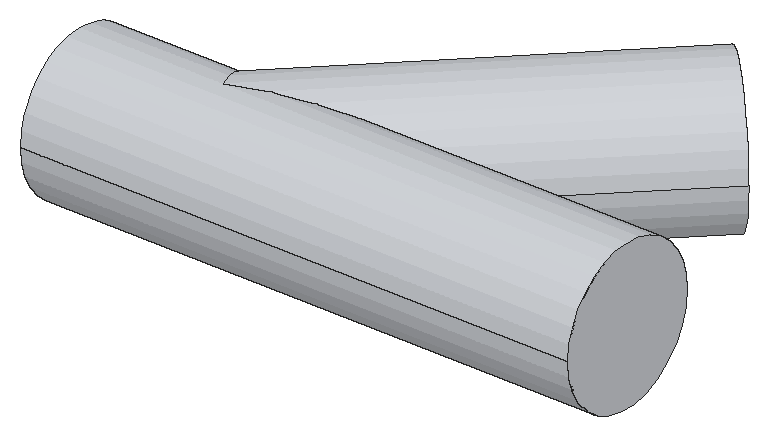
Revit family "c28a747e9f434bf0a8a2aba38b2f058f", category Pipe Fittings, Revit 2021
Family settings
  Round Connector Dimension = Use Radius
  Part Type = Lateral Tee
  OmniClass Number = 23.60.30.11.14
  OmniClass Title = Pipework Fittings
  Work Plane-Based = No
  Always vertical = Yes
  Cut with Voids When Loaded = No
  Shared = No
Parameters (values of type "Standard")
  Tick Size [instance] = Fitting Outside Diameter * 0.4  # 2.6500"
  Nominal Radius [instance] = 3.0000"
  Nominal Diameter [instance] = Nominal Radius * 2  # 6.0000"
  Loss Method = K Coefficient from Table
  Lookup Table Name = "Lateral - PE - Steel - Fabricated"
  K Coefficient Table = "Converging/Diverging Tee/Wye"
  Fitting Outside Radius [instance] = Fitting Outside Diameter / 2  # 3.3125"
  Fitting Outside Diameter [instance] = size_lookup(Lookup Table Name, "FOD", Nominal Diameter, Nominal Diameter)  # 6.6250"
  F Factor [instance] = size_lookup(Lookup Table Name, "FFctr", 0.14 * Nominal Diameter + 5.1300", Nominal Diameter)  # 5.0000"
  Default Elevation = 0.0000"
  Center to End 3 [instance] = if(and(Angle > 70.00°, (Angle < 110.00°)), size_lookup(Lookup Table Name, "CtE", 0.74 * Nominal Diameter + 5.0900", Nominal Diameter), Center to End 1)  # 17.99708"
  Center to End 2 Label [instance] = if(and(Angle 1 > 70.00°, (Angle < 110.00°)), size_lookup(Lookup Table Name, "CtE", 0.74 * Nominal Diameter + 5.0900", Nominal Diameter), if(Angle > 90.00°, Center to End 1, Center to End 2))  # 6.37208"
  Center to End 2 [instance] = F Factor + (Fitting Outside Radius * tan(Angle 1 / 2))  # 6.37208"
  Center to End 1 Label [instance] = if(and(Angle 1 > 70.00°, (Angle < 110.00°)), size_lookup(Lookup Table Name, "CtE", 0.74 * Nominal Diameter + 5.0900", Nominal Diameter), if(Angle > 90.00°, Center to End 2, Center to End 1))  # 17.99708"
  Center to End 1 [instance] = (Fitting Outside Diameter / (2 * tan(Angle 1 / 2))) + 2 * F Factor  # 17.99708"
  Angle 2 [instance] = if(Angle < 30.00°, 30.00°, if((180.00° - Angle) < 30.00°, 150.00°, Angle))  # 45.00°
  Angle 1 [instance] = if(Angle < 30.00°, 30.00°, if(Angle > 90.00°, 180.00° - Angle 2, if(((180.00° - Angle) < 30.00°), 150.00°, Angle)))  # 45.00°
  Angle [instance] = 45.00°
Reference planes (in)
  plane 1 "Center (Front/Back)": y = 0
  plane 2: z = 0
  plane 3 "Center (Left/Right)": x = 0
  plane 4: x = -6.37208
  plane 5: y = 2.65
  plane 6: y = -2.65
  plane 7: x = 17.99708
Forms (in)
  Extrusion 1, solid, detail levels fine
    sketch origin (0, 0, 0) x (0, 1, 0) y (0, 0, 1)
      loop
        circle (0, 0) r 3.3125
    from -6.37208 to 17.99708
  Sweep 2, solid, detail levels fine
    path origin (0, 0, 0) x (1, 0, 0) y (0, 1, 0)
      loop
        line (0, 0) -> (12.72586, 12.72586)
    profile origin (6.36293, 6.36293, 0) x (-0.707107, 0.707107, 0) y (0, 0, 1)
      loop
        circle (0, 0) r 3.3125
Cuts and joins
  joined: Extrusion 1, Sweep 2
Lines and regions (in)
  reference lines, not visible
    curve 1: line (0, 0, 0) -> (12.72586, 12.72586, 0)
  model lines, detail levels coarse+medium
    curve 2: line (-6.37208, 2.65, 0) -> (-6.37208, -2.65, 0)
    curve 3: line (17.99708, 2.65, 0) -> (17.99708, -2.65, 0)
    curve 6: line (10.85203, 14.59969, 0) -> (14.59969, 10.85203, 0)
  model lines, style "PipeFitting", detail levels coarse+medium
    curve 4: line (-6.37208, 0, 0) -> (17.99708, 0, 0)
    curve 5: line (0, 0, 0) -> (12.72586, 12.72586, 0)
Dimensions and locks (in)
  "Center to End 2 Label": plane 4 to plane 3 "Center (Left/Right)"
  "Tick Size": plane 5 to plane 1 "Center (Front/Back)"
  "Tick Size": plane 6 to plane 1 "Center (Front/Back)"
  "Center to End 1 Label": plane 3 "Center (Left/Right)" to plane 7
  "Center to End 3": curve 1 to curve 1
  "Center to End 3": Sweep 2 sketch curve to Sweep 2 sketch curve
  "Center to End 3": curve 5 to curve 5
  "Tick Size": curve 1 to curve 6
  "Tick Size": curve 6 to curve 1
  "Fitting Outside Radius": radius of Extrusion 1 sketch curve
  "Fitting Outside Radius": radius of Sweep 2 sketch curve
  "Angle 2": angle plane 1 "Center (Front/Back)" to curve 1
  "Angle 2": angle plane 1 "Center (Front/Back)" to Sweep 2 sketch curve
  "Angle 2": angle plane 1 "Center (Front/Back)" to curve 5
  locked: curve 6 to curve 1 (angle 90.00°)
  aligned and locked: plane 2 to level
  aligned and locked: plane 1 "Center (Front/Back)" to Extrusion 1 sketch curve
  aligned and locked: plane 2 to Extrusion 1 sketch curve
  aligned and locked: Extrusion 1 to plane 4
  aligned and locked: plane 7 to Extrusion 1
  aligned and locked: plane 3 "Center (Left/Right)" to curve 1
  aligned and locked: plane 1 "Center (Front/Back)" to curve 1
  aligned and locked: plane 3 "Center (Left/Right)" to Sweep 2 sketch curve
  aligned and locked: plane 1 "Center (Front/Back)" to Sweep 2 sketch curve
  aligned and locked: plane 5 to curve 3
  aligned and locked: plane 6 to curve 3
  aligned and locked: plane 5 to curve 2
  aligned and locked: plane 6 to curve 2
  aligned and locked: curve 3 to plane 7
  aligned and locked: curve 2 to plane 4
  aligned and locked: plane 4 to curve 4
  aligned and locked: plane 7 to curve 4
  aligned and locked: plane 1 "Center (Front/Back)" to curve 4
  aligned and locked: plane 3 "Center (Left/Right)" to curve 5
  aligned and locked: curve 6 to curve 1
Automatic sketch dimensions
  Sweep 2 sketch curve to level = 0.0000"
  Sweep 2 sketch curve to profile plane = 0.0000"
Connectors (in)
  piping at (-6.37208, 0, 0), diameter 6, driven by "Nominal Radius"
    settings: on Extrusion 1, index 1, connector inside diameter 6.0000", connector length 0.0000", flow factor 0, pipe flow 0 GPM, pressure drop 0.00 psi, fitting loss kfactor 0, connector angle 45.00°, fixture units 0, engagement length 0.0000", angle of deflection 0.00°, flow configuration 0, flow direction 0, fitting loss method 0, system type 28, joint type 0, gender type 0, connector reference index 2, connector utility 0, adjustable connector no, is connector primary yes, connector description ""
  piping at (17.99708, 0, 0), diameter 6, driven by "Nominal Radius"
    settings: on Extrusion 1, index 2, connector inside diameter 6.0000", connector length 0.0000", flow factor 0, pipe flow 0 GPM, pressure drop 0.00 psi, fitting loss kfactor 0, connector angle 0.00°, fixture units 0, engagement length 0.0000", angle of deflection 0.00°, flow configuration 0, flow direction 0, fitting loss method 0, system type 28, joint type 0, gender type 0, connector reference index 1, connector utility 0, adjustable connector no, is connector primary no, connector description ""
  piping at (12.72586, 12.72586, 0), diameter 6, driven by "Nominal Radius", driven by "Angle"
    settings: on Sweep 2, index 3, connector inside diameter 6.0000", connector length 0.0000", flow factor 0, pipe flow 0 GPM, pressure drop 0.00 psi, fitting loss kfactor 0, connector angle 45.00°, fixture units 0, engagement length 0.0000", angle of deflection 0.00°, flow configuration 0, flow direction 0, fitting loss method 0, system type 28, joint type 0, gender type 0, connector reference index -1, connector utility 0, adjustable connector no, is connector primary no, connector description ""
